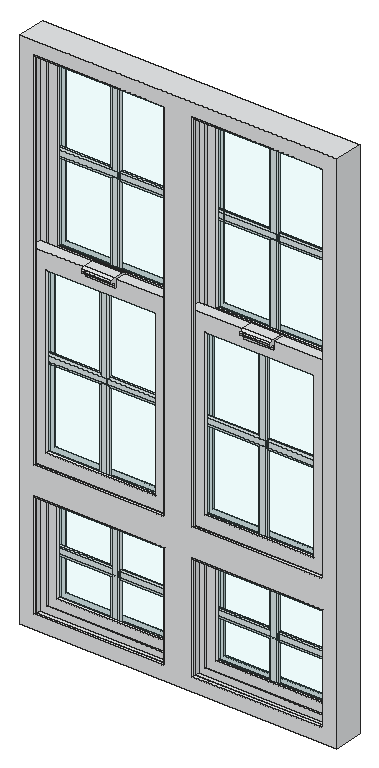
Revit family "Windows_Single-Hung_Milgard_Tuscany-Montecito-Series_Double-Single-Hung-2-Pictures-Below", category Windows, host Wall, Revit 2017
Family settings
  Host = Wall
  OmniClass Number = 23.30.20.17.17.11
  OmniClass Title = Single-Hung Windows
  Always vertical = Yes
  Cut with Voids When Loaded = No
  Shared = No
  Room Calculation Point = No
Parameters (values of type "36" x 60"")
  Youtube clip = "https://www.youtube.com/watch?v=kTycgURMhFo&list=PL_Ow8HQ0-gw77aRiTrPBSI0--vocwVnzV&index=1"
  Weight Net (Kg) = ""
  Uniformat II Description = "Exterior Windows"
  Uniformat II Code = "B2020"
  Uniclass 2015 Name = ""
  Uniclass 2015 Code = ""
  Uniclass 2.0 Description = ""
  Uniclass 2.0 Code = ""
  Uniclass 1.4 Description = ""
  Uniclass 1.4 Code = ""
  URL = "www.milgard.com"
  UNSPSC Code = ""
  U Values URL = "https://www.milgard.com/professionals/energy-calculator"
  Technical description = "https://www.milgard.com/professionals/technical-resources?doc_type%5B%5D=48"
  Style = "Double Single Hung with Two Picture Windows Below"  # constant formula
  Solar Heat Gain Coefficient = 0
  Sash Division = Height / 2  # 30"
  Rough Width = Width + 1"  # 37"
  Rough Height = Height + 1"  # 61"
  Region South America = "None"
  Region Oceania = "None"
  Region North America = "CA, US"
  Region Middle East = "None"
  Region Europe = "None"
  Region Asia = "None"
  Region Antarctica = "None"
  Region Africa = "None"
  QR code = "http://bimobject.com/milgardwindowsanddoors/product/milgard-001"
  Product url = "http://www.milgard.com/windows/tuscany-series/tuscany-series-single-hung-window"
  Product group = "Tuscany??? Series"
  Product family = "Single-Hung Windows"
  Product data url = "https://bimobject.com/milgardwindowsanddoors/product/milgard-001"
  Product certification = "https://www.milgard.com/learn/why-milgard/sustainability"
  Product SKU = "milgard-001"
  Product Page URL = "https://www.milgard.com/windows/tuscany-series/tuscany-series-single-hung-window#series-styles--wrapper"
  Product Guid = "9f75bdfc-b521-4a0d-af9b-e80957409c86"
  Product Documentation Link = "https://www.milgard.com/professionals/technical-resources"
  Picture Height [instance] = 15"  # constant formula
  OmniClass Description = "Windows"
  OmniClass Code = "23-17 13 00"
  Nominal width = 0"
  Nominal height = 0"
  NBS Reference Description = ""
  NBS Reference Code = ""
  Material secondary = "Glass"
  Material main = "Vinyl"
  Masterformat 2014 Description = "Vinyl Windows"
  Masterformat 2014 Code = "08 53 13"
  Manufacturer name = "Milgard Windows and Doors"
  Manufacturer country = "United States"
  Installation instructions = "https://www.milgard.com/professionals/installation-finishing"
  IFC Classification = ""
  Has Triple Glazed [instance] = yes
  Grid Width = Width / 2 - (2 3/8" * 2)  # 13 1/4"
  Picture Grid Height [instance] = Picture Height - 2 5/8" - 2 3/8"  # 10"
  Model = "Tuscany® Series"  # constant formula
  Manufacturer = "® 2017 Milgard Manufacturing, Inc."  # constant formula
  Lower Grid Height [instance] = ((Height - Picture Height) / 2) - 2 29/32" - 5/32"  # 19 7/16"
  LEED Credit = ""
  Interior Frame Color [instance] = Paint - Milgard - White
  Height = 60"
  Has Grid [instance] = yes
  Hardware Color [instance] = Paint - Milgard - White
  Grid Type = Grid-Milgard : Sculptured 1 1/16"
  Upper Grid Height [instance] = ((Height - Picture Height) / 2) - 2 3/8" - 23/32"  # 19 13/32"
  Green Building LEED = "https://www.milgard.com/sites/default/files/leed.pdf"
  Glass Material [instance] = Glass - Milgard - P516
  Exterior Frame Color [instance] = Paint - Milgard - White
  Energy Star Zone = "https://www.milgard.com/learn/energy-efficient-windows/energy-star"
  Edition number = 1
  EAN code = ""
  Design country = "United States"
  Design Pressure = ""
  Description = "Vinyl Windows"  # constant formula
  Depth = 3 1/4"  # constant formula
  Default Sill Height = 36"
  Wall Closure = By host
  Width = 36"
  Date of publishing = "1/17/2017"
  COBIe Type Category = ""
  Brand url = "http://www.milgard.com/"
  BIMobject category = "Opening Hinge"
  Assembly Code = "B2020100"
  Approximated Vertical Grid Spacing = 10"
  Approximated Horizontal Grid Spacing = 10"
  Analytic Construction = "<None>"
Types (3): name | Sash Division | Rough Width | Rough Height | Grid Width | Lower Grid Height | Height | Upper Grid Height | Width
  56"x60" | 30" | 57" | 61" | 23 1/4" | 19 7/16" | 60" | 19 13/32" | 56"
  36" x 60" | 30" | 37" | 61" | 13 1/4" | 19 7/16" | 60" | 19 13/32" | 36"
  96" x 84" | 42" | 97" | 85" | 43 1/4" | 31 7/16" | 84" | 31 13/32" | 96"
Reference planes (in)
  plane 1 "Center (Front/Back)": y = 0
  plane 2: z = 0
  plane 3 "Center (Left)": x = 0.499
  plane 4 "Left": x = -8.501
  plane 5 "Right": x = 9.499
  plane 6 "Sill": z = 51
  plane 7 "Top": z = 96
  plane 8: z = 73.5
  plane 9 "Interior": y = -1.625
  plane 10 "Exterior": y = 1.625
  plane 11: x = -6.13827
  plane 12: x = 7.13627
  plane 13: z = 53.90223
  plane 14: z = 74.75
  plane 15 "Grid CL Exterior": y = 0.8125
  plane 16 "Grid CL Interior": y = -0.74274
  plane 17: z = 52.5095
  plane 18: x = -7.531
  plane 19: x = 8.529
  plane 20 "Sash": z = 72.81907
  plane 21: z = 48.36727
  plane 22: z = 36
  plane 23: z = 38.36273
  plane 24: z = 36.97
  plane 25: z = 43.365
  plane 26: z = 63.62975
  plane 27: z = 83.92454
  plane 28: z = 74.2118
  plane 29: z = 73.35727
  plane 30: z = 93.63727
  plane 31: x = 27.499
  plane 32: x = 26.529
  plane 33: x = 18.499
  plane 34: x = 11.874
  plane 35: x = 10.469
  plane 36: x = 25.13627
Forms (in)
  Sweep 1, solid, material "Paint - Milgard - White" <- "Exterior Frame Color", detail levels medium+fine
    path origin (0, 0, 0) x (1, 0, 0) y (0, 0, 1)
      loop
        line (-8.501, 36) -> (9.499, 36) -> (9.499, 96) -> (-8.501, 96) -> (-8.501, 36)
    profile origin (-8.501, 0, 66) x (-1, 0, 0) y (0, -1, 0)
      loop
        line (-1.54679, 1.625) -> (-1.72, 1.525) -> (-1.72, 1.44922) -> (-0.97, 1.44922) -> (-0.97, 0) -> (-1.72, 0) -> (-1.72, -0.17578) -> (-0.97, -0.17578) -> (-0.97, -1.19269) -> (-0.7204, -1.625) -> (0, -1.625) -> (0, 1.625) -> (-1.54679, 1.625)
  Sweep 2, solid, material "Paint - Milgard - White" <- "Exterior Frame Color", detail levels medium+fine
    path origin (0, 0, 0) x (1, 0, 0) y (0, 0, 1)
      loop
        line (-8.501, 51) -> (27.499, 51)
    profile origin (9.499, 0, 51) x (0, 0, 1) y (0, -1, 0)
      loop
        line (-1.44179, 1.625) -> (-1.615, 1.525) -> (-1.615, -0.20703) -> (-0.97, -0.20703) -> (-0.97, -1.05482) -> (-0.6154, -1.625) -> (0.8854, -1.625) -> (1.24, -1.05482) -> (1.24, -0.20703) -> (1.885, -0.20703) -> (1.885, 0.10548) -> (1.5095, 0.10548) -> (1.5095, 1.38) -> (1.885, 1.38) -> (1.885, 1.525) -> (1.71179, 1.625) -> (-1.44179, 1.625)
  Sweep 3, solid, material "Paint - Milgard - White" <- "Exterior Frame Color", detail levels medium+fine
    path origin (48.998, 0, 0) x (-1, 0, 0) y (0, 0, 1)
      loop
        line (21.499, 36) -> (39.499, 36) -> (39.499, 96) -> (21.499, 96) -> (21.499, 36)
    profile origin (27.499, 0, 66) x (-1, 0, 0) y (0, -1, 0)
      loop
        line (1.54679, 1.625) -> (0, 1.625) -> (0, -1.625) -> (0.7204, -1.625) -> (0.97, -1.19269) -> (0.97, -0.20703) -> (1.72, -0.20703) -> (1.72, 0) -> (0.97, 0) -> (0.97, 1.44922) -> (1.72, 1.44922) -> (1.72, 1.525) -> (1.54679, 1.625)
  Sweep 4, solid, material "Paint - Milgard - White" <- "Exterior Frame Color", detail levels coarse
    path origin (0, 1.625, 0) x (-1, 0, 0) y (0, 0, 1)
      loop
        line (-27.499, 96) -> (-27.499, 36) -> (8.501, 36) -> (8.501, 96) -> (-27.499, 96)
    profile origin (9.499, 1.625, 96) x (0, 0, 1) y (0, 1, 0)
      loop
        line (0, 0) -> (-1.72, 0) -> (-1.72, -3.25) -> (0, -3.25) -> (0, 0)
  Sweep 5, solid, material "Paint - Milgard - White" <- "Exterior Frame Color", detail levels coarse
    path origin (0, -0.74274, 0) x (-1, 0, 0) y (0, 0, 1)
      loop
        line (8.501, 96) -> (-27.499, 96) -> (-27.499, 36) -> (8.501, 36) -> (8.501, 96)
    profile origin (9.499, -0.74274, 96) x (0, 0, -1) y (0, 1, 0)
      loop
        line (0, 2.36774) -> (0, -0.88226) -> (1.72, -0.88226) -> (1.72, 2.36774) -> (0, 2.36774)
  Sweep 6, solid, material "Paint - Milgard - White" <- "Exterior Frame Color", detail levels coarse
    path origin (0, 1.625, 0) x (-1, 0, 0) y (0, 0, 1)
      loop
        line (-9.499, 37.72) -> (-9.499, 94.28)
    profile origin (9.499, 1.625, 66) x (1, 0, 0) y (0, 1, 0)
      loop
        line (-0.97, -0.20703) -> (-0.97, -3.00446) -> (0.97, -3.00446) -> (0.97, -0.20703) -> (-0.97, -0.20703)
  Sweep 7, solid, material "Paint - Milgard - White" <- "Exterior Frame Color", detail levels coarse
    path origin (0, -1.625, 0) x (-1, 0, 0) y (0, 0, 1)
      loop
        line (6.781, 51) -> (-25.779, 51)
    profile origin (9.499, -1.625, 51) x (0, 0, -1) y (0, 1, 0)
      loop
        line (1.615, 0) -> (1.615, 3.25) -> (-1.24, 3.25) -> (-1.24, 0) -> (1.615, 0)
Cuts and joins
  joined: Sweep 1, Sweep 2, Sweep 3
  joined: Sweep 4, Sweep 5, Sweep 6, Sweep 7
Lines and regions (in)
  Opening 1
    outline origin (-60, -1.625, 0) x (1, 0, 0) y (0, 0, 1)
      loop
        line (51.499, 96) -> (51.499, 36) -> (87.499, 36) -> (87.499, 96) -> (51.499, 96)
  Masking region 1
    outline origin (0, 1.1585, 51) x (0, -1, 0) y (1, 0, 0)
      loop
        line (-0.4665, -8.501) -> (2.7835, -8.501) -> (2.7835, 27.499) -> (-0.4665, 27.499) -> (-0.4665, -8.501)
  symbolic lines, style "Windows", detail levels medium+fine
    curve 1: line (-7.531, 1.41797, 51) -> (8.529, 1.41797, 51)
    curve 2: line (-7.531, -1.44922, 51) -> (8.529, -1.44922, 51)
    curve 9: line (26.529, 1.41797, 51) -> (10.469, 1.41797, 51)
    curve 10: line (26.529, -1.44922, 51) -> (10.469, -1.44922, 51)
  symbolic lines, style "Windows"
    curve 3: line (-7.531, 0, 51) -> (8.529, 0, 51)
    curve 4: line (-7.531, 1.625, 51) -> (-7.531, -1.625, 51)
    curve 11: line (26.529, 0, 51) -> (10.469, 0, 51)
    curve 16: line (26.529, 1.625, 51) -> (26.529, -1.625, 51)
  symbolic lines, style "WindowsFrameMullionProjection", detail levels medium+fine
    curve 5: line (-6.13827, 1.41797, 51) -> (-6.13827, -1.44922, 51)
    curve 6: line (7.13627, 1.41797, 51) -> (7.13627, -1.44922, 51)
    curve 12: line (25.13627, 1.41797, 51) -> (25.13627, -1.44922, 51)
    curve 13: line (11.874, 1.41797, 51) -> (11.874, -1.44922, 51)
  symbolic lines, style "Windows", detail levels fine
    curve 7: line (-6.13827, 0.8125, 51) -> (7.13627, 0.8125, 51)
    curve 8: line (-6.13827, -0.74274, 51) -> (7.13627, -0.74274, 51)
    curve 14: line (25.13627, 0.8125, 51) -> (11.874, 0.8125, 51)
    curve 15: line (25.13627, -0.74274, 51) -> (11.874, -0.74274, 51)
  symbolic lines, style "WindowsFrameMullionProjection"
    curve 17: line (8.529, 1.625, 51) -> (8.529, -1.625, 51)
    curve 18: line (10.469, 1.625, 51) -> (10.469, -1.625, 51)
Text (in)
  text "EXTERIOR" at (-61.17835, 22.13118, 0), in view "Ref. Level"
  text "INTERIOR" at (-61.17835, -12.83634, 0), in view "Ref. Level"
  text "Exterior" at (0, 43.65631, 123.19604), in view "Left"
  text "Exterior" at (0, 18.29385, 125.04747), in view "Right"
Dimensions and locks (in)
  equal spacing: plane 4 "Left", plane 3 "Center (Left)", plane 5 "Right"
  "Width": plane 4 "Left" to plane 31
  equal spacing: plane 10 "Exterior", plane 1 "Center (Front/Back)", plane 9 "Interior"
  "Depth": plane 10 "Exterior" to plane 9 "Interior"
  equal spacing: plane 10 "Exterior", plane 15 "Grid CL Exterior", plane 1 "Center (Front/Back)", locked at 0.8125 each
  locked: nested 2 to plane 10 "Exterior" at 0.20703
  locked: Sweep 1 sketch curve to Sweep 1 sketch curve at 3.25
  locked: Sweep 1 to curve 2 at 0.17578
  "Height": plane 7 "Top" to plane 22
  locked: plane 13 to plane 6 "Sill" at 2.90223
  equal spacing: plane 7 "Top", plane 8, plane 6 "Sill"
  locked: plane 17 to plane 6 "Sill" at 1.5095
  "Picture Height": plane 22 to plane 6 "Sill"
  locked: plane 22 to plane 23 at 2.36273
  locked: plane 22 to plane 24 at 0.97
  equal spacing: plane 21, plane 25, plane 23
  locked: plane 6 "Sill" to plane 21 at 2.63273
  "Default Sill Height": plane 22 to plane 2
  plane 14 to plane 8 to plane 20 "Sash" = 1 1/4" locked, 0.68093" locked
  locked: plane 28 to plane 8 at 0.7118
  locked: plane 8 to plane 29 at 0.14273
  equal spacing: plane 29, plane 26, plane 13
  locked: plane 7 "Top" to plane 30 at 2.36273
  equal spacing: plane 30, plane 27, plane 28
  Sweep 2 sketch curve to plane 6 "Sill" to Sweep 2 sketch curve = 1.5095" locked, 1.615" locked
  locked: plane 16 "Grid CL Interior" to plane 9 "Interior" at 0.88226
  locked: Sweep 3 sketch curve to Sweep 3 sketch curve at 3.25
  plane 19 to plane 5 "Right" to plane 35 = 0.97" locked, 0.97" locked
  plane 12 to plane 5 "Right" to plane 34 = 2.36273" locked, 2 3/8" locked
  locked: plane 4 "Left" to plane 18 at 0.97
  locked: plane 4 "Left" to plane 11 at 2.36273
  locked: plane 31 to plane 36 at 2.36273
  equal spacing: plane 4 "Left", plane 5 "Right", plane 31
  equal spacing: plane 5 "Right", plane 33, plane 31
  locked: plane 32 to plane 31 at 0.97
  aligned and locked: plane 4 "Left" to Opening 1 sketch curve
  aligned and locked: Sweep 1 sketch curve to plane 4 "Left"
  aligned and locked: plane 5 "Right" to Sweep 1 sketch curve
  aligned: nested 1 to plane 13
  aligned: plane 14 to nested 1  (x4)
  aligned: plane 11 to nested 2
  aligned: plane 12 to nested 2
  aligned and locked: host wall to plane 10 "Exterior"
  aligned: plane 15 "Grid CL Exterior" to nested 2
  aligned: nested 1 to plane 16 "Grid CL Interior"
  aligned: Masking region 1 to Sweep 1  (x4)
  aligned: nested 1 to nested 3
  aligned and locked: nested 1 to plane 16 "Grid CL Interior"  (x2)
  aligned and locked: plane 15 "Grid CL Exterior" to nested 2  (x3)
  aligned: plane 13 to nested 1
  aligned: nested 1 to Sweep 1
  aligned: nested 2 to Sweep 1
  aligned and locked: plane 3 "Center (Left)" to nested 3
  aligned and locked: Sweep 1 sketch curve to profile plane
  aligned and locked: plane 9 "Interior" to Sweep 1 sketch curve
  aligned: nested 2 to plane 18
  aligned: nested 2 to plane 19
  aligned: nested 1 to plane 19
  aligned: nested 1 to plane 18
  aligned: plane 17 to nested 1  (x3)
  aligned and locked: level to plane 2
  aligned and locked: nested 3 to nested 1
  aligned and locked: plane 1 "Center (Front/Back)" to curve 3
  aligned and locked: plane 10 "Exterior" to curve 4
  aligned and locked: Sweep 1 to curve 4
  aligned and locked: Masking region 1 to plane 9 "Interior"
  aligned and locked: plane 4 "Left" to Masking region 1
  aligned: Masking region 1 to plane 5 "Right"
  aligned and locked: plane 10 "Exterior" to Masking region 1
  aligned and locked: nested 2 to curve 5
  aligned and locked: curve 2 to curve 5
  aligned and locked: curve 1 to curve 6
  aligned and locked: plane 11 to curve 7
  aligned and locked: plane 12 to curve 7
  aligned and locked: plane 15 "Grid CL Exterior" to curve 7
  aligned and locked: plane 11 to curve 8
  aligned and locked: plane 12 to curve 8
  aligned and locked: curve 8 to plane 16 "Grid CL Interior"
  aligned: nested 6 to plane 19
  aligned: nested 6 to plane 18
  aligned: nested 6 to cut or joined group of Sweep 1, Sweep 2, Sweep 3  (x3)
  aligned: nested 2 to cut or joined group of Sweep 1, Sweep 2, Sweep 3  (x2)
  aligned and locked: nested 1 to plane 19  (x2)
  aligned and locked: nested 1 to plane 18
  aligned and locked: plane 14 to nested 1
  aligned and locked: nested 2 to plane 18
  aligned and locked: nested 2 to plane 19
  aligned and locked: nested 6 to plane 19
  aligned and locked: nested 6 to plane 18
  aligned and locked: plane 20 "Sash" to nested 2
  aligned and locked: plane 22 to Opening 1 sketch curve
  aligned and locked: plane 7 "Top" to Opening 1 sketch curve
  aligned and locked: plane 4 "Left" to Sweep 2 sketch curve
  aligned and locked: plane 7 "Top" to Sweep 1 sketch curve
  aligned and locked: Sweep 1 sketch curve to plane 22
  aligned: nested 7 to plane 25
  aligned: plane 3 "Center (Left)" to nested 6
  aligned and locked: nested 6 to plane 24
  aligned and locked: nested 2 to cut or joined group of Sweep 1, Sweep 2, Sweep 3
  aligned and locked: nested 7 to plane 25
  aligned and locked: plane 3 "Center (Left)" to nested 7
  aligned: plane 27 to nested 4  (x2)
  aligned: plane 3 "Center (Left)" to nested 4
  aligned and locked: nested 1 to nested 3
  aligned and locked: plane 3 "Center (Left)" to nested 4
  aligned and locked: plane 3 "Center (Left)" to nested 5
  aligned and locked: plane 26 to nested 5
  aligned and locked: plane 27 to nested 4
  aligned: plane 3 "Center (Left)" to nested 2
  aligned and locked: plane 9 "Interior" to Sweep 2 sketch curve
  aligned and locked: plane 10 "Exterior" to Sweep 2 sketch curve
  aligned and locked: nested 6 to cut or joined group of Sweep 1, Sweep 2, Sweep 3
  aligned and locked: plane 17 to nested 1
  aligned and locked: Opening 1 sketch curve to plane 31
  aligned and locked: Sweep 3 sketch curve to profile plane
  aligned and locked: Sweep 3 sketch curve to plane 7 "Top"
  aligned and locked: plane 31 to Sweep 3 sketch curve
  aligned and locked: plane 22 to Sweep 3 sketch curve
  aligned and locked: plane 5 "Right" to Sweep 3 sketch curve
  aligned and locked: plane 31 to Sweep 2 sketch curve
  aligned and locked: plane 35 to nested 9
  aligned and locked: plane 32 to nested 9
  aligned: plane 35 to nested 12
  aligned and locked: plane 35 to nested 8  (x2)
  aligned and locked: plane 32 to nested 8
  aligned and locked: nested 9 to cut or joined group of Sweep 1, Sweep 2, Sweep 3
  aligned and locked: nested 9 to plane 20 "Sash"
  aligned and locked: nested 8 to plane 14
  aligned and locked: nested 12 to cut or joined group of Sweep 1, Sweep 2, Sweep 3
  aligned and locked: plane 24 to nested 12
  aligned and locked: nested 11 to plane 26
  aligned and locked: nested 10 to plane 27
  aligned and locked: plane 25 to nested 13
  aligned: plane 33 to nested 12
  aligned and locked: plane 33 to nested 11
  aligned and locked: plane 33 to nested 9
  aligned and locked: plane 33 to nested 14
  aligned and locked: plane 14 to nested 14
  aligned and locked: nested 14 to nested 8
  aligned and locked: plane 33 to nested 10
  aligned and locked: plane 35 to nested 12
  aligned and locked: plane 32 to nested 12
  aligned and locked: plane 33 to nested 13
  aligned and locked: nested 8 to plane 17
  aligned and locked: Masking region 1 sketch curve to plane 31
  aligned and locked: plane 18 to curve 4
  aligned and locked: curve 10 to curve 12
  aligned and locked: curve 9 to curve 13
  aligned and locked: plane 34 to curve 13
  aligned and locked: plane 36 to curve 12
  aligned and locked: curve 16 to plane 32
  aligned and locked: curve 14 to plane 15 "Grid CL Exterior"
  aligned and locked: plane 16 "Grid CL Interior" to curve 15
  aligned and locked: curve 11 to plane 1 "Center (Front/Back)"
  aligned and locked: curve 9 to nested 2
  aligned and locked: curve 10 to curve 2
  aligned and locked: plane 9 "Interior" to curve 16
  aligned and locked: plane 10 "Exterior" to curve 16
  aligned and locked: plane 15 "Grid CL Exterior" to nested 6
  aligned and locked: nested 12 to plane 15 "Grid CL Exterior"
  aligned and locked: Sweep 4 sketch curve to plane 4 "Left"
  aligned and locked: Sweep 4 sketch curve to plane 22
  aligned and locked: Sweep 4 sketch curve to plane 31
  aligned and locked: plane 7 "Top" to Sweep 4 sketch curve  (x2)
  aligned and locked: plane 9 "Interior" to Sweep 4 sketch curve
  aligned and locked: Sweep 4 sketch curve to plane 10 "Exterior"
  aligned and locked: Sweep 4 sketch curve to cut or joined group of Sweep 1, Sweep 2, Sweep 3
  aligned and locked: Sweep 5 sketch curve to plane 31
  aligned and locked: Sweep 5 sketch curve to plane 4 "Left"
  aligned and locked: plane 7 "Top" to Sweep 5 sketch curve  (x2)
  aligned and locked: Sweep 5 sketch curve to plane 22
  aligned and locked: Sweep 5 sketch curve to plane 10 "Exterior"
  aligned and locked: plane 9 "Interior" to Sweep 5 sketch curve
  aligned and locked: Sweep 5 sketch curve to Sweep 4
  aligned and locked: Sweep 6 sketch curve to plane 35
  aligned and locked: plane 9 "Interior" to Sweep 7 sketch curve
  aligned and locked: Sweep 7 sketch curve to plane 10 "Exterior"
  aligned and locked: Sweep 7 sketch curve to cut or joined group of Sweep 1, Sweep 2, Sweep 3  (x2)
  aligned and locked: nested 8 to Sweep 6 sketch curve
  aligned and locked: Sweep 6 sketch curve to nested 9
  aligned and locked: curve 17 to nested 2
  aligned and locked: curve 18 to plane 35
  aligned and locked: plane 10 "Exterior" to curve 17
  aligned and locked: plane 10 "Exterior" to curve 18
  aligned and locked: plane 9 "Interior" to curve 17
  aligned and locked: plane 9 "Interior" to curve 18
Automatic sketch dimensions
  plane 1 "Center (Front/Back)" to Sweep 1 sketch curve = 0"
  profile plane to Sweep 1 sketch curve = 0.7204"
  profile plane to Sweep 1 sketch curve = 0.97"
  Sweep 1 sketch curve to Sweep 1 sketch curve = 0.2496"
  Sweep 1 sketch curve to Sweep 1 sketch curve = 0.57679"
  Sweep 1 sketch curve to Sweep 1 sketch curve = 0.17321"
  Sweep 1 sketch curve to plane 1 "Center (Front/Back)" = 45/256"
  Sweep 1 sketch curve to Sweep 1 sketch curve = 3/4"
  Sweep 1 sketch curve to Sweep 1 sketch curve = 0.43231"
  Sweep 1 sketch curve to Sweep 1 sketch curve = 45/256"
  Sweep 1 sketch curve to Sweep 1 sketch curve = 0.07578"
  Masking region 1 sketch curve to host wall = 0"
  host wall to Masking region 1 sketch curve = 0"
  Masking region 1 sketch curve to plane 4 "Left" = 0"
  Sweep 2 sketch curve to plane 6 "Sill" = 0"
  Sweep 2 sketch curve to Sweep 2 sketch curve = 0.17321"  (x2)
  profile plane to Sweep 2 sketch curve = 0.97"
  profile plane to Sweep 2 sketch curve = 0.6154"
  Sweep 2 sketch curve to profile plane = 0.8854"
  Sweep 2 sketch curve to Sweep 2 sketch curve = 0.3546"
  Sweep 2 sketch curve to Sweep 2 sketch curve = 0.20229"
  plane 1 "Center (Front/Back)" to Sweep 2 sketch curve = 27/256"
  Sweep 2 sketch curve to Sweep 2 sketch curve = 0.3755"
  Sweep 2 sketch curve to Sweep 2 sketch curve = 0.57018"  (x2)
  Sweep 2 sketch curve to plane 1 "Center (Front/Back)" = 53/256"  (x2)
  Sweep 2 sketch curve to Sweep 2 sketch curve = 0.245"
  Sweep 2 sketch curve to Sweep 2 sketch curve = 0.145"
  Sweep 2 sketch curve to Sweep 2 sketch curve = 0.1"
  plane 1 "Center (Front/Back)" to Sweep 3 sketch curve = 0"
  Sweep 3 sketch curve to Sweep 3 sketch curve = 0.7204"
  Sweep 3 sketch curve to profile plane = 0.97"
  Sweep 3 sketch curve to Sweep 3 sketch curve = 0"
  Sweep 3 sketch curve to Sweep 3 sketch curve = 0.57679"
  Sweep 3 sketch curve to Sweep 3 sketch curve = 3/4"
  Sweep 3 sketch curve to Sweep 3 sketch curve = 0.17321"
  Sweep 3 sketch curve to plane 1 "Center (Front/Back)" = 53/256"
  Sweep 3 sketch curve to Sweep 3 sketch curve = 0.98565"
  Sweep 3 sketch curve to Sweep 3 sketch curve = 0.43231"
  Sweep 3 sketch curve to Sweep 3 sketch curve = 45/256"
  Sweep 3 sketch curve to Sweep 3 sketch curve = 0.07578"
  plane 5 "Right" to Sweep 6 sketch curve = 0"
  plane 23 to Sweep 6 sketch curve = 0.64273"
  Sweep 6 sketch curve to plane 30 = 0.64273"
  Sweep 7 sketch curve to plane 6 "Sill" = 0"
  Sweep 7 sketch curve to plane 36 = 0.64273"
  Sweep 7 sketch curve to plane 11 = 0.64273"
  profile plane to Sweep 6 sketch curve = 0.97"
Nested families (in)
  nested 1: "Sash-Milgard-Single _Hung" at (0.499, -0.74274, 63.62975) x (1, 0, 0) z (0, -1, 0), Sash Color <- "Exterior Frame Color", Interior Frame Color <- "Interior Frame Color", type "By type"
    with Width 16.06", Sash Color Paint - Milgard - White, Interior Frame Color Paint - Milgard - White, Height 22.2405", Grid Width 12.31", Grid Height 18.7405", Depth 1 35/128"
  nested 2: "Sash-Milgard-Single _Hung" at (0.499, 0.8125, 83.92454) x (1, 0, 0) z (0, -1, 0), Sash Color <- "Exterior Frame Color", Interior Frame Color <- "Interior Frame Color", type "By type"
    with Width 16.06", Sash Color Paint - Milgard - White, Interior Frame Color Paint - Milgard - White, Height 22 27/128", Grid Width 12.31", Grid Height 18 91/128", Depth 1 27/128"
  nested 3: "Lock-Streamlined" at (0.499, -1.37946, 74.75), Hardware Color <- "Hardware Color", type "By type", detail levels fine
    with Hardware Color Paint - Milgard - White
  nested 4: "Grid-Milgard" at (0.499, 0.8125, 83.92454) x (1, 0, 0) z (0, -1, 0), type <- "Grid Type", visible <- "Has Grid", Grid Material <- "Exterior Frame Color", Height <- "Upper Grid Height", Width <- "Grid Width", Y Grid Spacing <- "Approximated Vertical Grid Spacing", X Grid Spacing <- "Approximated Horizontal Grid Spacing", Interior Frame Color <- "Interior Frame Color", type "Sculptured 1 1/16""
    with Y Single Grid yes, Y Multiple Grid no, Y Grid Spacing 10", Y Grid Qty 1, Y Grid Location 0", Y Grid Array 2, X Single Grid yes, X Multiple Grid no, X Grid Spacing 10", X Grid Qty 1, X Grid Location 0", X Grid Array 2, Width 13 1/4", Interior Frame Color Paint - Milgard - White, Height 19 13/32", Grid Material Paint - Milgard - White
  nested 5: "Grid-Milgard" at (0.499, -0.74274, 63.62975) x (1, 0, 0) z (0, -1, 0), type <- "Grid Type", visible <- "Has Grid", Grid Material <- "Exterior Frame Color", Height <- "Lower Grid Height", Width <- "Grid Width", Y Grid Spacing <- "Approximated Vertical Grid Spacing", X Grid Spacing <- "Approximated Horizontal Grid Spacing", Interior Frame Color <- "Interior Frame Color", type "Sculptured 1 1/16""
    with Y Single Grid yes, Y Multiple Grid no, Y Grid Spacing 10", Y Grid Qty 1, Y Grid Location 0", Y Grid Array 2, X Single Grid yes, X Multiple Grid no, X Grid Spacing 10", X Grid Qty 1, X Grid Location 0", X Grid Array 2, Width 13 1/4", Interior Frame Color Paint - Milgard - White, Height 19 7/16", Grid Material Paint - Milgard - White
  nested 6: "Sash-Milgard-Single _Hung" at (0.499, 0.8125, 43.5) x (1, 0, 0) z (0, -1, 0), Sash Color <- "Exterior Frame Color", Interior Frame Color <- "Interior Frame Color", type "By type"
    with Width 16.06", Sash Color Paint - Milgard - White, Interior Frame Color Paint - Milgard - White, Height 13.06", Grid Width 12.31", Grid Height 9.56", Depth 1 35/128"
  nested 7: "Grid-Milgard" at (0.499, 0.8125, 43.365) x (1, 0, 0) z (0, -1, 0), type <- "Grid Type", visible <- "Has Grid", Grid Material <- "Exterior Frame Color", Width <- "Grid Width", Height <- "Picture Grid Height", Y Grid Spacing <- "Approximated Vertical Grid Spacing", X Grid Spacing <- "Approximated Horizontal Grid Spacing", Interior Frame Color <- "Interior Frame Color", type "Sculptured 1 1/16""
    with Y Single Grid yes, Y Multiple Grid no, Y Grid Spacing 10", Y Grid Qty 1, Y Grid Location 0", Y Grid Array 2, X Single Grid yes, X Multiple Grid no, X Grid Spacing 10", X Grid Qty 1, X Grid Location 0", X Grid Array 2, Width 13 1/4", Interior Frame Color Paint - Milgard - White, Height 10", Grid Material Paint - Milgard - White
  nested 8: "Sash-Milgard-Single _Hung" at (18.499, -0.74274, 63.62975) x (-1, 0, 0) z (0, -1, 0), Sash Color <- "Exterior Frame Color", Interior Frame Color <- "Interior Frame Color", type "By type"
    with Width 16.06", Sash Color Paint - Milgard - White, Interior Frame Color Paint - Milgard - White, Height 22.2405", Grid Width 12.31", Grid Height 18.7405", Depth 1 35/128"
  nested 9: "Sash-Milgard-Single _Hung" at (18.499, 0.8125, 83.92454) x (-1, 0, 0) z (0, -1, 0), Sash Color <- "Exterior Frame Color", Interior Frame Color <- "Interior Frame Color", type "By type"
    with Width 16.06", Sash Color Paint - Milgard - White, Interior Frame Color Paint - Milgard - White, Height 22 27/128", Grid Width 12.31", Grid Height 18 91/128", Depth 1 27/128"
  nested 10: "Grid-Milgard" at (18.499, 0.8125, 83.92454) x (-1, 0, 0) z (0, -1, 0), type <- "Grid Type", visible <- "Has Grid", Grid Material <- "Exterior Frame Color", Height <- "Upper Grid Height", Width <- "Grid Width", Y Grid Spacing <- "Approximated Vertical Grid Spacing", X Grid Spacing <- "Approximated Horizontal Grid Spacing", Interior Frame Color <- "Interior Frame Color", type "Sculptured 1 1/16""
    with Y Single Grid yes, Y Multiple Grid no, Y Grid Spacing 10", Y Grid Qty 1, Y Grid Location 0", Y Grid Array 2, X Single Grid yes, X Multiple Grid no, X Grid Spacing 10", X Grid Qty 1, X Grid Location 0", X Grid Array 2, Width 13 1/4", Interior Frame Color Paint - Milgard - White, Height 19 13/32", Grid Material Paint - Milgard - White
  nested 11: "Grid-Milgard" at (18.499, -0.74274, 63.62975) x (-1, 0, 0) z (0, -1, 0), type <- "Grid Type", visible <- "Has Grid", Grid Material <- "Exterior Frame Color", Height <- "Lower Grid Height", Width <- "Grid Width", Y Grid Spacing <- "Approximated Vertical Grid Spacing", X Grid Spacing <- "Approximated Horizontal Grid Spacing", Interior Frame Color <- "Interior Frame Color", type "Sculptured 1 1/16""
    with Y Single Grid yes, Y Multiple Grid no, Y Grid Spacing 10", Y Grid Qty 1, Y Grid Location 0", Y Grid Array 2, X Single Grid yes, X Multiple Grid no, X Grid Spacing 10", X Grid Qty 1, X Grid Location 0", X Grid Array 2, Width 13 1/4", Interior Frame Color Paint - Milgard - White, Height 19 7/16", Grid Material Paint - Milgard - White
  nested 12: "Sash-Milgard-Single _Hung" at (18.499, 0.8125, 43.5) x (-1, 0, 0) z (0, -1, 0), Sash Color <- "Exterior Frame Color", Interior Frame Color <- "Interior Frame Color", type "By type"
    with Width 16.06", Sash Color Paint - Milgard - White, Interior Frame Color Paint - Milgard - White, Height 13.06", Grid Width 12.31", Grid Height 9.56", Depth 1 35/128"
  nested 13: "Grid-Milgard" at (18.499, 0.8125, 43.365) x (-1, 0, 0) z (0, -1, 0), type <- "Grid Type", visible <- "Has Grid", Grid Material <- "Exterior Frame Color", Width <- "Grid Width", Height <- "Picture Grid Height", Y Grid Spacing <- "Approximated Vertical Grid Spacing", X Grid Spacing <- "Approximated Horizontal Grid Spacing", Interior Frame Color <- "Interior Frame Color", type "Sculptured 1 1/16""
    with Y Single Grid yes, Y Multiple Grid no, Y Grid Spacing 10", Y Grid Qty 1, Y Grid Location 0", Y Grid Array 2, X Single Grid yes, X Multiple Grid no, X Grid Spacing 10", X Grid Qty 1, X Grid Location 0", X Grid Array 2, Width 13 1/4", Interior Frame Color Paint - Milgard - White, Height 10", Grid Material Paint - Milgard - White
  nested 14: "Lock-Streamlined" at (18.499, -1.37946, 74.75) x (-1, 0, 0) z (0, 0, 1), Hardware Color <- "Hardware Color", type "By type", detail levels fine
    with Hardware Color Paint - Milgard - White
Definition of nested family "Sash-Milgard-Single _Hung"
  Parameters (values of type "By type")
    Width [instance] = 48"
    Sash Color [instance] = none
    Interior Frame Color [instance] = none
    Height [instance] = 48"
    Grid Width [instance] = Width - 3 3/4"  # 44 1/4"
    Grid Height [instance] = Height - 3 1/2"  # 44 1/2"
    Glass Material = none
    Depth [instance] = 1 35/128"
    Default Elevation = 48"
    Assembly Code = ""
    Analytic Construction = "<None>"
  Reference planes (in)
    plane 1 "Center (Front/Back)": y = 0
    plane 2: z = 0
    plane 3 "Center (Left/Right)": x = 0
    plane 4 "Left": x = -24
    plane 5 "Right": x = 24
    plane 6 "Top": y = 24
    plane 7 "Bottom": y = -24
    plane 8 "Front": z = 0.63672
    plane 9 "Back": z = -0.63672
    plane 10: y = 22.60727
    plane 11: y = -22.60727
    plane 12: x = 22.60727
    plane 13: x = -22.60727
    plane 14 "Grid Plane 1": x = -22.09619
    plane 15 "Grid Plane 2": x = 22.09619
    plane 16 "Grid Plane 3": y = 22.09619
    plane 17 "Grid Plane 4": y = -22.09619
  Forms (in)
    Sweep 1, solid, material <- "Sash Color"
      path origin (0, 0, 0) x (1, 0, 0) y (0, 1, 0)
        loop
          line (-24, 24) -> (-24, -24) -> (24, -24) -> (24, 24) -> (-24, 24)
      profile origin (-24, 0, 0) x (1, 0, 0) y (0, 0, 1)
        loop
          line (0, 0.63672) -> (0, -0.63672) -> (1.80668, -0.63672) -> (1.91032, -0.4572) -> (1.39273, -0.4572) -> (1.39273, 0.48759) -> (1.90381, 0.48759) -> (1.81771, 0.63672) -> (0, 0.63672)
    Extrusion 2, solid, material <- "Glass Material"
      sketch origin (0, 0, 0) x (0, 1, 0) y (0, 0, 1)
        loop
          line (22.60727, 0.48759) -> (-22.60727, 0.48759) -> (-22.60727, 0.36259) -> (22.60727, 0.36259) -> (22.60727, 0.48759)
        loop
          line (22.60727, -0.4572) -> (22.60727, -0.3322) -> (-22.60727, -0.3322) -> (-22.60727, -0.4572) -> (22.60727, -0.4572)
      from -22.60727 to 22.60727
  Dimensions and locks (in)
    equal spacing: plane 4 "Left", plane 3 "Center (Left/Right)", plane 5 "Right"
    "Width": plane 4 "Left" to plane 5 "Right"
    equal spacing: plane 8 "Front", level, plane 9 "Back"
    "Depth": plane 8 "Front" to plane 9 "Back"
    equal spacing: plane 6 "Top", plane 1 "Center (Front/Back)", plane 7 "Bottom"
    "Height": plane 6 "Top" to plane 7 "Bottom"
    Extrusion 2 sketch curve to Sweep 1 = 1/8"  (x2)
    locked: plane 6 "Top" to plane 10 at 1.39273
    locked: plane 11 to plane 7 "Bottom" at 1.39273
    locked: plane 12 to plane 5 "Right" at 1.39273
    locked: plane 4 "Left" to plane 13 at 1.39273
    locked: plane 13 to plane 14 "Grid Plane 1" at 0.51107
    locked: plane 15 "Grid Plane 2" to plane 12 at 0.51107
    locked: plane 10 to plane 16 "Grid Plane 3" at 0.51107
    locked: plane 17 "Grid Plane 4" to plane 11 at 0.51107
    aligned and locked: profile plane to Sweep 1 sketch curve
    aligned and locked: Sweep 1 to plane 8 "Front"
    aligned and locked: Sweep 1 to plane 9 "Back"
    aligned and locked: Sweep 1 sketch curve to plane 6 "Top"
    aligned and locked: Sweep 1 sketch curve to plane 7 "Bottom"
    aligned and locked: Sweep 1 sketch curve to plane 4 "Left"
    aligned and locked: Sweep 1 sketch curve to plane 5 "Right"
    aligned and locked: plane 10 to Extrusion 2  (x2)
    aligned and locked: Extrusion 2 to plane 11  (x2)
    aligned and locked: plane 13 to Extrusion 2
    aligned and locked: plane 12 to Extrusion 2
  Automatic sketch dimensions
    level to Sweep 1 sketch curve = 0.48759"
    Sweep 1 sketch curve to profile plane = 1.39273"
    Sweep 1 sketch curve to level = 163/256"
    Sweep 1 sketch curve to Sweep 1 sketch curve = 0.41395"
    Sweep 1 sketch curve to Sweep 1 sketch curve = 0.42497"
    Sweep 1 sketch curve to Sweep 1 sketch curve = 0.0861"
    Sweep 1 sketch curve to level = 0.4572"
    Sweep 1 sketch curve to Sweep 1 sketch curve = 0.10364"
    Sweep 1 sketch curve to Sweep 1 sketch curve = 0.14913"
    Extrusion 2 sketch curve to plane 11 = 0"  (x2)
    Extrusion 2 sketch curve to plane 10 = 0"  (x2)
    Extrusion 2 sketch curve to Extrusion 2 sketch curve = 1/8"  (x2)
Definition of nested family "Lock-Streamlined"
  Parameters
    Hardware Color [instance] = none
    Default Elevation = 48"
    Assembly Code = ""
  Reference planes (in)
    plane 1 "Center (Front/Back)": y = 0
    plane 2: z = 0
    plane 3 "Center (Left/Right)": x = 0
  Forms (in)
    Extrusion 1, solid, material <- "Hardware Color"
      sketch origin (0, 0, 0) x (0, 1, 0) y (0, 0, 1)
        loop
          line (1.289, 0) -> (1.289, 0.1) -> (1.02348, 0.19834) -> (-0.16402, 0.19834) -> (-0.53109, 0.04253)
          arc (-0.53109, 0.04253) -> (-0.61252, -0.02474) -> (-0.64397, -0.12558) r 0.1853
          arc (-0.64397, -0.12558) -> (-0.60725, -0.24624) -> (-0.49642, -0.30645) r 0.16635
          line (-0.49642, -0.30645) -> (-0.17485, -0.30645)
          arc (-0.17485, -0.30645) -> (-0.13606, -0.32252) -> (-0.12, -0.3613) r 0.05485
          line (-0.12, -0.3613) -> (-0.12, -0.59691) -> (-0.07, -0.86691) -> (0, -0.86691) -> (0, 0) -> (1.289, 0)
      from -1.69 to 1.69
Definition of nested family "Grid-Milgard"
  Parameters
    Y Single Grid [instance] = Y Grid Qty = 1  # no
    Y Multiple Grid [instance] = Y Grid Qty > 1  # yes
    Y Grid Spacing [instance] = 10"
    Y Grid Qty [instance] = if(Height < 15", (Height / Y Grid Spacing), (Height / Y Grid Spacing) - 1)  # 3
    Y Grid Location [instance] = ((Y Grid Qty - 1) * Y Grid Spacing) / 2  # 10"
    Y Grid Array [instance] = if(Y Grid Qty = 1, Y Grid Qty + 1, Y Grid Qty)  # 3
    X Single Grid [instance] = X Grid Qty = 1  # no
    X Multiple Grid [instance] = X Grid Qty > 1  # yes
    X Grid Spacing [instance] = 10"
    X Grid Qty [instance] = if(Width < 15", (Width / X Grid Spacing), (Width / X Grid Spacing) - 1)  # 3
    X Grid Location [instance] = ((X Grid Qty - 1) * X Grid Spacing) / 2  # 10"
    X Grid Array [instance] = if(X Grid Qty = 1, X Grid Qty + 1, X Grid Qty)  # 3
    Width [instance] = 40"
    Interior Frame Color [instance] = none
    Height [instance] = 40"
    Grid Option = Grid_Bar-Milgard-Flat : 5/8"
    Grid Material [instance] = none
    Default Elevation = 48"
    Assembly Code = ""
  Reference planes (in)
    plane 1 "Center (Front/Back)": y = 0
    plane 2: z = 0
    plane 3 "Center (Left/Right)": x = 0
    plane 4 "Left": x = -20
    plane 5 "Right": x = 20
    plane 6 "Top": y = 20
    plane 7 "Bottom": y = -20
  Dimensions and locks (in)
    equal spacing: plane 4 "Left", plane 3 "Center (Left/Right)", plane 5 "Right"
    equal spacing: plane 6 "Top", plane 1 "Center (Front/Back)", plane 7 "Bottom"
    "Width": plane 4 "Left" to plane 5 "Right"
    "Height": plane 6 "Top" to plane 7 "Bottom"
    equal spacing: group 1, group 2, group 5  (x3)
    "X Grid Spacing": nested 1 to nested 3
    equal spacing: group 3, group 4, group 6  (x2)
    equal spacing: group 6, group 4, group 3
    "Y Grid Location": plane 1 "Center (Front/Back)" to nested 2
    "Y Grid Spacing": nested 4 to nested 2
    "X Grid Location": nested 1 to plane 3 "Center (Left/Right)"
    aligned and locked: nested 1 to plane 1 "Center (Front/Back)"
    aligned and locked: plane 3 "Center (Left/Right)" to nested 2
    aligned and locked: nested 3 to plane 1 "Center (Front/Back)"
    aligned and locked: plane 1 "Center (Front/Back)" to nested 5
    aligned and locked: plane 4 "Left" to nested 5
    aligned and locked: plane 5 "Right" to nested 5
    aligned and locked: plane 6 "Top" to nested 6
    aligned and locked: plane 3 "Center (Left/Right)" to nested 6
    aligned and locked: plane 4 "Left" to nested 7
    aligned and locked: plane 5 "Right" to nested 7
    aligned and locked: plane 4 "Left" to nested 8
    aligned and locked: plane 5 "Right" to nested 8
    aligned and locked: plane 1 "Center (Front/Back)" to nested 8
    aligned and locked: nested 9 to plane 6 "Top"
    aligned and locked: nested 9 to plane 3 "Center (Left/Right)"
    aligned and locked: plane 1 "Center (Front/Back)" to nested 7
    aligned and locked: nested 10 to plane 6 "Top"
    aligned and locked: nested 10 to plane 3 "Center (Left/Right)"
  Nested families (in)
    nested 1: "Grid_Bar-Milgard-Flat" at (-10, 0, 0) x (0, 1, 0) z (0, 0, 1), Grid Length <- "Height", visible <- "X Multiple Grid", type <- "Grid Option", Interior Frame Color <- "Interior Frame Color", type "5/8""
      with Interior Frame Color none, Grid Length 40"
    nested 2: "Grid_Bar-Milgard-Flat" at (0, 10, 0), Grid Length <- "Width", visible <- "Y Multiple Grid", type <- "Grid Option", Interior Frame Color <- "Interior Frame Color", type "5/8""
      with Interior Frame Color none, Grid Length 40"
    nested 3: "Grid_Bar-Milgard-Flat" at (0, 0, 0) x (0, 1, 0) z (0, 0, 1), Grid Length <- "Height", visible <- "X Multiple Grid", type <- "Grid Option", Interior Frame Color <- "Interior Frame Color", type "5/8""
      with Interior Frame Color none, Grid Length 40"
    nested 4: "Grid_Bar-Milgard-Flat" at (0, 0, 0), Grid Length <- "Width", visible <- "Y Multiple Grid", type <- "Grid Option", Interior Frame Color <- "Interior Frame Color", type "5/8""
      with Interior Frame Color none, Grid Length 40"
    nested 5: "Grid_Bar-Milgard-Flat" at (0, 0, 0), visible <- "Y Single Grid", Grid Length <- "Width", type <- "Grid Option", type "5/8""
      with Interior Frame Color none, Grid Length 40"
    nested 6: "Grid_Bar-Milgard-Flat" at (0, 0, 0) x (0, 1, 0) z (0, 0, 1), visible <- "X Single Grid", type <- "Grid Option", Grid Length <- "Height", type "5/8""
      with Interior Frame Color none, Grid Length 40"
    nested 7: "Grid_Bar-Milgard-Flat" at (0, 0, 0), visible <- "Y Single Grid", Grid Length <- "Width", type <- "Grid Option", type "5/8""
      with Interior Frame Color none, Grid Length 40"
    nested 8: "Grid_Bar-Milgard-Flat" at (0, 0, 0), Grid Length <- "Width", visible <- "Y Single Grid", type <- "Grid Option", Interior Frame Color <- "Interior Frame Color", type "5/8""
      with Interior Frame Color none, Grid Length 40"
    nested 9: "Grid_Bar-Milgard-Flat" at (0, 0, 0) x (0, -1, 0) z (0, 0, 1), Grid Length <- "Height", visible <- "X Single Grid", type <- "Grid Option", type "5/8""
      with Interior Frame Color none, Grid Length 40"
    nested 10: "Grid_Bar-Milgard-Flat" at (0, 0, 0) x (0, -1, 0) z (0, 0, 1), visible <- "X Single Grid", Grid Length <- "Height", type <- "Grid Option", Interior Frame Color <- "Interior Frame Color", type "5/8""
      with Interior Frame Color none, Grid Length 40"
    nested 11: "Grid_Bar-Milgard-Flat" at (10, 0, 0) x (0, 1, 0) z (0, 0, 1), Grid Length <- "Height", visible <- "X Multiple Grid", type <- "Grid Option", Interior Frame Color <- "Interior Frame Color", type "5/8""
      with Interior Frame Color none, Grid Length 40"
    nested 12: "Grid_Bar-Milgard-Flat" at (0, -10, 0), Grid Length <- "Width", visible <- "Y Multiple Grid", type <- "Grid Option", Interior Frame Color <- "Interior Frame Color", type "5/8""
      with Interior Frame Color none, Grid Length 40"
  Definition of nested family "Grid_Bar-Milgard-Flat"
    Parameters
      Interior Frame Color [instance] = none
      Grid Material = none
      Grid Length [instance] = 46 1/2"
      Grid Height = 5/8"
      Grid Depth = 3/16"
      Default Elevation = 48"
      Assembly Code = ""
    Reference planes (in)
      plane 1 "Center (Front/Back)": y = 0
      plane 2: z = 0
      plane 3 "Center (Left/Right)": x = 0
      plane 4 "Left": x = -23.25
      plane 5 "Right": x = 23.25
      plane 6: y = 0.3125
      plane 7: y = -0.3125
      plane 8: z = 0.09375
      plane 9: z = -0.09375
    Forms (in)
      Sweep 1, solid, material <- "Grid Material"
        path origin (0, 0, 0) x (1, 0, 0) y (0, 1, 0)
          loop
            line (-23.25, 0) -> (23.25, 0)
        profile origin (0, 0, 0) x (0, 1, 0) y (0, 0, 1)
          loop
            line (0.3125, 0.09375) -> (-0.3125, 0.09375) -> (-0.3125, -0.09375) -> (0.3125, -0.09375) -> (0.3125, 0.09375)
    Lines and regions (in)
      symbolic lines, detail levels coarse+medium
        curve 1: line (-23.25, 0, 0) -> (23.25, 0, 0)
      symbolic lines, detail levels fine
        curve 2: line (-23.25, 0.3125, 0) -> (23.25, 0.3125, 0)
        curve 3: line (-23.25, -0.3125, 0) -> (23.25, -0.3125, 0)
    Dimensions and locks (in)
      equal spacing: plane 4 "Left", plane 3 "Center (Left/Right)", plane 5 "Right"
      "Grid Length": plane 4 "Left" to plane 5 "Right"
      equal spacing: plane 6, plane 1 "Center (Front/Back)", plane 7
      equal spacing: plane 8, plane 2, plane 9
      "Grid Height": plane 6 to plane 7
      "Grid Depth": plane 8 to plane 9
      aligned and locked: plane 6 to Sweep 1 sketch curve
      aligned and locked: Sweep 1 sketch curve to plane 7
      aligned and locked: Sweep 1 sketch curve to plane 8
      aligned and locked: plane 9 to Sweep 1 sketch curve
      aligned and locked: plane 1 "Center (Front/Back)" to curve 1
      aligned and locked: plane 4 "Left" to curve 1
      aligned and locked: plane 5 "Right" to curve 1
      aligned and locked: plane 4 "Left" to curve 2
      aligned and locked: plane 4 "Left" to curve 3
      aligned and locked: plane 5 "Right" to curve 2
      aligned and locked: plane 5 "Right" to curve 3
      aligned and locked: plane 6 to curve 2
      aligned and locked: plane 7 to curve 3
    Automatic sketch dimensions
      plane 1 "Center (Front/Back)" to Sweep 1 sketch curve = 0"
      Sweep 1 sketch curve to plane 4 "Left" = 0"
      Sweep 1 sketch curve to plane 5 "Right" = 0"
